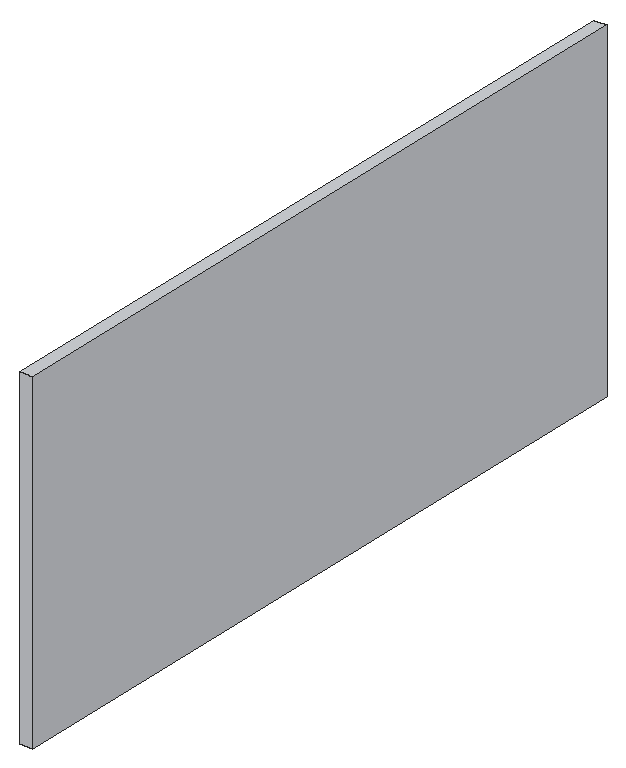
Revit family "RE Systemtrenner", category Luftkanalzubehör, Revit 2015
Parameters (values of type "Allgemein")
  Höhe [instance] = 200 mm
  Flanschstärke [instance] = 4.961 mm
  Flanschbreite [instance] = 30 mm
  Druckverlust [instance] = 0.00 in-wg
  Widerstandsbeiwert [instance] = 0
  Breite [instance] = 500 mm
Reference planes
  plane 1 "Mitte (Vorne/Hinten)": y = 0
  plane 2: z = 0
  plane 3 "Mitte (Links/Rechts)": x = 0
  plane 4: y = 250
  plane 5: y = -250
  plane 6: z = 100
  plane 7: z = -100
  plane 8: z = 130
  plane 9: y = -280
  plane 10: z = -130
  plane 11: y = 280
  plane 12: x = 4.961
  plane 13: x = -4.961
Forms (mm)
  Extrusion 1, solid, detail levels fine
    sketch origin (0, 397.271, 1219.2) x (0, 1, 0) y (0, 0, 1)
      loop
        line (-117.271, -1089.2) -> (-677.271, -1089.2) -> (-677.271, -1349.2) -> (-117.271, -1349.2) -> (-117.271, -1089.2)
    from -4.961 to 4.961
  Extrusion 2, solid, detail levels medium
    sketch origin (0, 0, 0) x (1, 0, 0) y (0, 1, 0)
      loop
        line (-4.961, 250) -> (-4.961, -250) -> (4.961, -250) -> (4.961, 250) -> (-4.961, 250)
    from -100 to 100
Lines and regions (mm)
  model lines, detail levels coarse
    curve 1: line (4.961, 0, 0) -> (-4.961, 0, 0)
    curve 2: line (-4.961, 280, 0) -> (-4.961, -280, 0)
    curve 3: line (4.961, 280, 0) -> (4.961, -280, 0)
  model lines, detail levels fine
    curve 4: line (0, 280, 130) -> (0, -280, 130)
    curve 5: line (0, -280, 130) -> (0, -280, -130)
    curve 6: line (0, 280, -130) -> (0, -280, -130)
    curve 7: line (0, 280, 130) -> (0, 280, -130)
Dimensions and locks
  equal spacing: plane 5, plane 1 "Mitte (Vorne/Hinten)", plane 4
  equal spacing: plane 6, level, plane 7
  "Höhe": plane 6 to plane 7
  "Breite": plane 5 to plane 4
  "Flanschbreite": plane 8 to plane 6
  "Flanschbreite": plane 10 to plane 7
  "Flanschbreite": plane 11 to plane 4
  "Flanschbreite": plane 5 to plane 9
  "Flanschstärke": plane 3 "Mitte (Links/Rechts)" to plane 12
  "Flanschstärke": plane 13 to plane 3 "Mitte (Links/Rechts)"
  aligned and locked: plane 2 to level
  aligned and locked: plane 12 to Extrusion 1
  aligned and locked: Extrusion 2 sketch curve to plane 4
  aligned and locked: Extrusion 2 sketch curve to plane 5
  aligned and locked: Extrusion 2 sketch curve to plane 12
  aligned and locked: plane 7 to Extrusion 2
  aligned and locked: plane 6 to Extrusion 2
  aligned and locked: plane 4 to Extrusion 2
  aligned and locked: plane 5 to Extrusion 2
  aligned and locked: plane 11 to Extrusion 1  (x2)
  aligned and locked: Extrusion 1 to Extrusion 2  (x2)
  aligned and locked: plane 9 to Extrusion 1  (x2)
  aligned and locked: plane 12 to curve 1
  aligned and locked: plane 8 to Extrusion 1
  aligned and locked: plane 10 to Extrusion 1
  aligned and locked: Extrusion 1 to plane 13
  aligned and locked: plane 13 to curve 1
  aligned and locked: curve 2 to plane 13
  aligned and locked: curve 3 to plane 12
  aligned and locked: plane 11 to curve 3
  aligned and locked: plane 9 to curve 3
  aligned and locked: plane 9 to curve 2
  aligned and locked: plane 11 to curve 2
  aligned and locked: curve 4 to plane 3 "Mitte (Links/Rechts)"
  aligned and locked: plane 11 to curve 4
  aligned and locked: plane 9 to curve 4
  aligned and locked: curve 5 to plane 3 "Mitte (Links/Rechts)"
  aligned and locked: plane 8 to curve 5
  aligned and locked: plane 10 to curve 5
  aligned and locked: curve 6 to plane 3 "Mitte (Links/Rechts)"
  aligned and locked: plane 11 to curve 6
  aligned and locked: plane 9 to curve 6
  aligned and locked: plane 3 "Mitte (Links/Rechts)" to curve 7
  aligned and locked: plane 8 to curve 7
  aligned and locked: plane 10 to curve 7
Automatic sketch dimensions
  Extrusion 1 sketch curve to plane 8 = 0 mm
  plane 9 to Extrusion 1 sketch curve = 0 mm
  plane 10 to Extrusion 1 sketch curve = 0 mm
  Extrusion 1 sketch curve to plane 11 = 0 mm
  Extrusion 2 sketch curve to plane 3 "Mitte (Links/Rechts)" = 4.961 mm
  plane 1 "Mitte (Vorne/Hinten)" to curve 1 = 0 mm
Connectors
  hvac at (-4.961, 0, 0), driven by "Widerstandsbeiwert", driven by "Höhe", driven by "Breite"
    settings: on Extrusion 1, index 1, duct flow 0 CFM, flow factor 0, pres drop 0.00 in-wg, loss coef 0, conn angle 0.00°, conn width 500 mm, conn height 200 mm, conn diameter 609.6 mm, duct sys type 29, conn prof type 1, flow config 0, flow direction 0, loss method 6, conn ref index -1, conn util no, is conn primary yes, conn desc ""
  hvac at (4.961, 0, 0), driven by "Widerstandsbeiwert", driven by "Breite", driven by "Höhe"
    settings: on Extrusion 1, index 2, duct flow 0 CFM, flow factor 0, pres drop 0.00 in-wg, loss coef 0, conn angle 0.00°, conn width 500 mm, conn height 200 mm, conn diameter 609.6 mm, duct sys type 29, conn prof type 1, flow config 0, flow direction 0, loss method 6, conn ref index -1, conn util no, is conn primary no, conn desc ""
